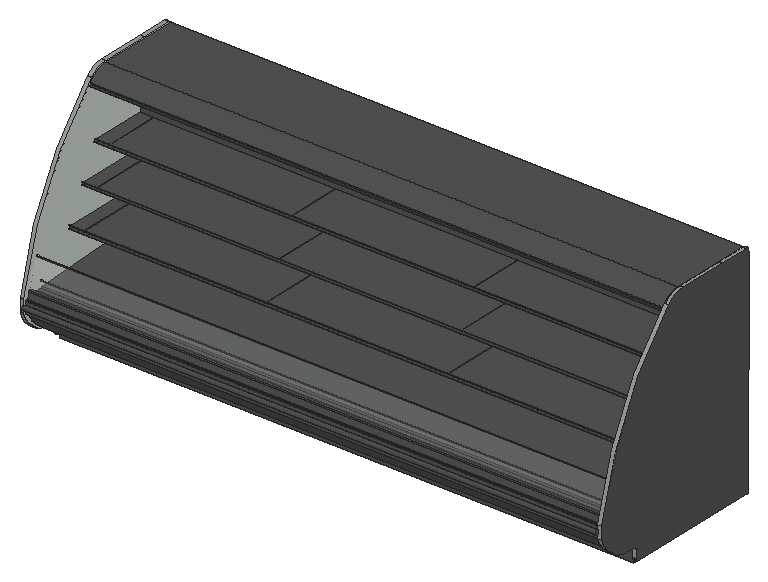
Revit family "E3_2014", category Specialty Equipment, Revit 2014
Parameters (values of type "12'-0" Length")
  Width = 144 3/8"
  Waste Drain Location = if(Width = 48 1/8", 23 7/8", if(Width = 72 1/8", 48 1/16", if(Width = 96 1/4", 71 7/8", if(Width = 144 3/8", 72 3/8", 0"))))  # 72 3/8"
  Waste Drain = 1 1/2"  # constant formula
  URL = "www.hussmann.com"
  Type Comments = "Elite"  # constant formula
  Trim = Stainless Steel
  Total Weight = Case Weight + (2 * End Weight)  # 1200.00 lbf
  Splashguard = Textured Sheet Metal (Steel Painted) - 701 Black
  Side Panel - Right [instance] = yes
  Side Panel - Left [instance] = yes
  Shelves = Sheet Metal (Steel Painted) - 701 Black
  Shelf Lights [instance] = yes
  Shelf [instance] = yes
  Revit Family Date = "05/26/2016"  # constant formula
  Refrigeration Lines Suction = 7/8"  # constant formula
  Refrigeration Lines Liquid = 3/8"  # constant formula
  Refrig. Suction = "Suction"
  Refrig. Liquid = "Liquid"
  Number of Supports = if(Width < 50", 2, if(Width < 100", 3, 4))  # 4
  Number of Shelves = 3  # constant formula
  Note from Manufacturer = "This model only comes in 4'-0\", 6'-0\", 8'-0\", and 12'-0\" lengths."
  Model URL = "http://www.hussmann.com/en/product%20viewer/display-cases/E2,%20E3"
  Model = "E3"  # constant formula
  Manufacturer Disclaimer = "The information in this file is not intended to be an exact representation of the corresponding Hussmann product.  Further, we reserve the right to change or revise specifications and product design in connection with any feature of our products. Such changes do not entitle the buyer to corresponding changes, improvements, additions, or replacements for equipment previously sold or shipped."  # constant formula
  Manufacturer = "Hussmann Corporation"  # constant formula
  Height = 56"  # constant formula
  Glazing = Glass
  Ends = Textured Sheet Metal (Steel Painted) - 701 Black
  End Weight = 100.00 lbf  # constant formula
  Description = "Self-Serve, Four-Level Display (3 Shelves plus Bottom Deck)"  # constant formula
  Depth = 46 1/2"  # constant formula
  Cutsheet URL = "http://www.hussmann.com/en/Technical%20Documents/0453527_D_E3.pdf"
  Case Weight = if(Width = 48 1/8", 400.00 lbf, if(Width = 72 1/8", 600.00 lbf, if(Width = 96 1/4", 800.00 lbf, if(Width = 144 3/8", 1000.00 lbf, 0.00 lbf))))  # 1000.00 lbf
  Case Interior - Side Panel = Mirror
  Case Interior - Back Panel = Sheet Metal (Steel Painted) - 701 Black
  Case = Textured Sheet Metal (Steel Painted) - 701 Black
  Bumper = Extruded PVC - 701 Black
  Assembly Code = ""
  Accessories/Options = ""
Types (4): name | Width | Waste Drain Location | Total Weight | Number of Supports | Case Weight
  12'-0" Length | 144 3/8" | 72 3/8" | 1200.00 lbf | 4 | 1000.00 lbf
  8'-0" Length | 96 1/4" | 71 7/8" | 1000.00 lbf | 3 | 800.00 lbf
  6'-0" Length | 72 1/8" | 48 1/16" | 800.00 lbf | 3 | 600.00 lbf
  4'-0" Length | 48 1/8" | 23 7/8" | 600.00 lbf | 2 | 400.00 lbf
Reference planes (in)
  plane 1 "Back": y = 0
  plane 2 "Bottom": z = 0
  plane 3 "Top": z = 56
  plane 4 "Left": x = -77.30699
  plane 5 "Front": y = -46.5
  plane 6 "Center (Left/Right)": x = -5.11949
  plane 7: x = -78.30699
  plane 8 "Right": x = 67.06801
  plane 9: x = 68.06801
  plane 10: z = 40
  plane 11: z = 32
  plane 12: z = 24
Forms (in)
  Extrusion 1, solid, material "Metal - Copper"
    sketch origin (57.40105, 5, -0.375) x (1, 0, 0) y (0, 1, 0)
      loop
        circle (0.85446, -35.75) r 0.41359
      loop
        circle (0.85446, -35.75) r 0.4375
    from 5.798 to 4.367
  Extrusion 2, solid, material "Metal - Copper"
    sketch origin (59.82608, 5, -0.375) x (1, 0, 0) y (0, 1, 0)
      loop
        circle (-0.94557, -35.75) r 0.17188
      loop
        circle (-0.94557, -35.75) r 0.1875
    from 5.798 to 4.367
  Extrusion 3, solid, material "Metal - Copper"
    sketch origin (-56.6875, 1.04319, 0) x (1, 0, 0) y (0, 1, 0)
      loop
        arc (51.75551, -27.91819) -> (51.22518, -28.13786) -> (51.00551, -28.66819) r 0.75
        arc (51.00551, -28.66819) -> (51.22518, -29.19852) -> (51.75551, -29.41819) r 0.75
        arc (51.75551, -29.41819) -> (52.28584, -29.19852) -> (52.50551, -28.66819) r 0.75
        arc (52.50551, -28.66819) -> (52.28584, -28.13786) -> (51.75551, -27.91819) r 0.75
      loop
        circle (51.75551, -28.66819) r 0.7102
    from 5.423 to 2.937
  Extrusion 4, solid, material "Extruded PVC - 701 Black" <- "Bumper"
    sketch origin (-5.11949, 0, 0) x (0, 1, 0) y (0, 0, 1)
      loop
        arc (-45.96459, 12.30251) -> (-46.51809, 11.74901) -> (-45.96459, 11.19551) r 0.5535
        line (-45.96459, 11.19551) -> (-45.67609, 11.19551) -> (-45.67609, 12.30251) -> (-45.96459, 12.30251)
    from 72.1875 to -72.1875
  Extrusion 5, solid, material "Textured Sheet Metal (Steel Painted) - 701 Black" <- "Case"
    sketch origin (-5.11949, 0, 0) x (0, 1, 0) y (0, 0, 1)
      loop
        line (-45.67609, 10.24862) -> (-44.73721, 10.24862)
        arc (-44.73721, 10.24862) -> (-41.75268, 5.96635) -> (-36.79912, 4.3209) r 8.279
        line (-36.79912, 4.3209) -> (-36.06134, 4.3209) -> (-36.06134, 4.38714) -> (-36.43529, 4.38714) -> (-36.43529, 4.854) -> (-33.93228, 4.854) -> (-33.93228, 5.326) -> (-33.43228, 5.326) -> (-33.43228, 5.423) -> (-10.24695, 5.423) -> (-3.25, 9.46027) -> (-3.25, 41.58442) -> (-0.097, 41.58442) -> (-0.097, 40.58442) -> (0, 40.58442) -> (0, 56.00039) -> (-20.40685, 56.00039)
        arc (-20.40685, 56.00039) -> (-23.13491, 55.26062) -> (-25.27562, 53.41482) r 6.37988
        arc (-25.27562, 53.41482) -> (-25.32115, 53.32972) -> (-25.34053, 53.23517) r 0.335
        arc (-25.34053, 53.23517) -> (-25.1523, 52.50019) -> (-24.57368, 52.00946) r 1.25
        arc (-24.57368, 52.00946) -> (-24.52137, 52.03098) -> (-24.54289, 52.0833) r 0.04
        arc (-24.54289, 52.0833) -> (-24.80232, 52.23301) -> (-25.01523, 52.44369) r 1.17
        line (-25.01523, 52.44369) -> (-23.88218, 54.40653) -> (-20.45439, 54.40653) -> (-20.45439, 53.55204) -> (-19.22382, 52.32147) -> (-18.95423, 52.59106) -> (-16.62259, 50.25926) -> (-15.73735, 51.14442) -> (-9.60228, 51.14442) -> (-9.60228, 11.262) -> (-38.9886, 11.262) -> (-38.9886, 12.43402) -> (-38.78944, 12.43402) -> (-38.78944, 13.23102) -> (-40.8656, 13.23102) -> (-40.8656, 13.99702) -> (-42.17486, 13.99702) -> (-42.17486, 14.06002) -> (-44.10112, 15.17215)
        arc (-44.10112, 15.17215) -> (-44.14857, 14.92781) -> (-44.1932, 14.68294) r 21.62056
        line (-44.1932, 14.68294) -> (-44.50959, 12.88862) -> (-44.97485, 12.97066) -> (-44.65846, 14.76498)
        arc (-44.65846, 14.76498) -> (-44.62227, 14.96484) -> (-44.58425, 15.16436) r 22.093
        line (-44.58425, 15.16436) -> (-44.64216, 15.17567)
        arc (-44.64216, 15.17567) -> (-44.68028, 14.97562) -> (-44.71657, 14.77522) r 22.152
        line (-44.71657, 14.77522) -> (-44.98681, 13.24262) -> (-45.58709, 13.24262)
        arc (-45.58709, 13.24262) -> (-45.65002, 13.21655) -> (-45.67609, 13.15362) r 0.089
        line (-45.67609, 13.15362) -> (-45.67609, 10.24862)
    from 72.1875 to -72.1875
  Extrusion 6, solid, material "Glass" <- "Glazing"
    sketch origin (-5.11949, 0, 0) x (0, 1, 0) y (0, 0, 1)
      loop
        line (-44.50959, 12.88862) -> (-44.1932, 14.68294)
        arc (-44.1932, 14.68294) -> (-43.27104, 18.17525) -> (-41.78034, 21.46531) r 21.62056
        arc (-41.78034, 21.46531) -> (-41.87149, 21.7867) -> (-42.19288, 21.69555) r 0.23622
        arc (-42.19288, 21.69555) -> (-43.71615, 18.3336) -> (-44.65846, 14.76498) r 22.093
        line (-44.65846, 14.76498) -> (-44.97485, 12.97066) -> (-44.50959, 12.88862)
      loop
        line (-40.8656, 13.23102) -> (-40.6156, 13.23102) -> (-40.6156, 15.60602)
        arc (-40.6156, 15.60602) -> (-40.7406, 15.73102) -> (-40.8656, 15.60602) r 0.125
        line (-40.8656, 15.60602) -> (-40.8656, 13.23102)
    from 72.1875 to -72.1875
  Extrusion 7, solid, material "Sheet Metal (Steel Painted) - 701 Black" <- "Shelves"
    sketch origin (-5.11949, 0, 0) x (0, 1, 0) y (0, 0, 1)
      loop
        line (-40.5277, 14.22713) -> (-40.48501, 13.41115) -> (-9.62922, 15.0257) -> (-9.67192, 15.84168) -> (-40.5277, 14.22713)
    from 72.1875 to -72.1875
  Extrusion 8, solid, material "Textured Sheet Metal (Steel Painted) - 701 Black" <- "Splashguard"
    sketch origin (-5.11949, 0, 0) x (0, 1, 0) y (0, 0, 1)
      loop
        line (-34.07685, 0) -> (-34.07685, 4.28551) -> (-34.28029, 4.28551) -> (-34.28029, 4.854) -> (-34.93629, 4.854) -> (-34.93629, 4.783) -> (-34.35129, 4.783) -> (-34.35129, 4.28551) -> (-34.62571, 4.28551) -> (-34.62571, 0) -> (-34.07685, 0)
      loop
        line (-28.40228, 1.984) -> (-28.94928, 1.984) -> (-28.94928, 0.547) -> (-33.80428, 0.547) -> (-33.80428, 0) -> (-28.40228, 0) -> (-28.40228, 1.984)
    from 72.1875 to -72.1875
  Extrusion 9, solid, material "Stainless Steel"
    sketch origin (-5.11949, 0, 0) x (0, 1, 0) y (0, 0, 1)
      loop
        line (-26.08128, 0.071) -> (-28.33128, 0.071) -> (-28.33128, 2.173) -> (-29.27728, 2.173) -> (-29.27728, 2.102) -> (-28.40228, 2.102) -> (-28.40228, 0) -> (-26.01028, 0) -> (-26.01028, 2.102) -> (-25.13528, 2.102) -> (-25.13528, 2.173) -> (-26.08128, 2.173) -> (-26.08128, 0.071)
      loop
        line (-4.43928, 0.071) -> (-6.68928, 0.071) -> (-6.68928, 2.173) -> (-7.63528, 2.173) -> (-7.63528, 2.102) -> (-6.76028, 2.102) -> (-6.76028, 0) -> (-4.36828, 0) -> (-4.36828, 2.102) -> (-3.49328, 2.102) -> (-3.49328, 2.173) -> (-4.43928, 2.173) -> (-4.43928, 0.071)
    from 72.1875 to -72.1875
  Extrusion 10, solid, material "Textured Sheet Metal (Steel Painted) - 701 Black" <- "Ends", visible <- "Side Panel - Left"
    sketch origin (-77.30699, 0, 0) x (0, 1, 0) y (0, 0, 1)
      loop
        line (-34.5212, 0.75142) -> (-0.31111, 0.75142)
        arc (-0.31111, 0.75142) -> (0.04244, 0.89787) -> (0.18889, 1.25142) r 0.5
        line (0.18889, 1.25142) -> (0.18889, 1.75142) -> (0.18889, 55.1195) -> (0.18889, 55.61942)
        arc (0.18889, 55.61942) -> (0.04244, 55.97298) -> (-0.31111, 56.11942) r 0.5
        line (-0.31111, 56.11942) -> (-7.81111, 56.11942) -> (-20.12311, 56.11942)
        arc (-20.12311, 56.11942) -> (-22.61264, 55.62378) -> (-24.72249, 54.21242) r 6.5
        arc (-24.72249, 54.21242) -> (-38.42747, 35.48674) -> (-45.84311, 13.49842) r 76
        line (-45.84311, 13.49842) -> (-45.84311, 10.37238)
        arc (-45.84311, 10.37238) -> (-42.57891, 5.83718) -> (-37.26721, 4.10257) r 9
        line (-37.26721, 4.10257) -> (-35.5212, 4.10257)
        arc (-35.5212, 4.10257) -> (-35.16765, 3.95612) -> (-35.0212, 3.60257) r 0.5
        line (-35.0212, 3.60257) -> (-35.0212, 1.25142)
        arc (-35.0212, 1.25142) -> (-34.87475, 0.89787) -> (-34.5212, 0.75142) r 0.5
    from 0 to -1
  Extrusion 11, solid, material "Textured Sheet Metal (Steel Painted) - 701 Black" <- "Ends", visible <- "Side Panel - Right"
    sketch origin (67.06801, 0, 0) x (0, 0, 1) y (0, -1, 0)
      loop
        line (0.75142, 34.5212) -> (0.75142, 0.31111)
        arc (0.75142, 0.31111) -> (0.89787, -0.04244) -> (1.25142, -0.18889) r 0.5
        line (1.25142, -0.18889) -> (1.75142, -0.18889) -> (55.1195, -0.18889) -> (55.61942, -0.18889)
        arc (55.61942, -0.18889) -> (55.97298, -0.04244) -> (56.11942, 0.31111) r 0.5
        line (56.11942, 0.31111) -> (56.11942, 7.81111) -> (56.11942, 20.12311)
        arc (56.11942, 20.12311) -> (55.62378, 22.61264) -> (54.21242, 24.72249) r 6.5
        arc (54.21242, 24.72249) -> (35.48674, 38.42747) -> (13.49842, 45.84311) r 76
        line (13.49842, 45.84311) -> (10.37238, 45.84311)
        arc (10.37238, 45.84311) -> (5.83718, 42.57891) -> (4.10257, 37.26721) r 9
        line (4.10257, 37.26721) -> (4.10257, 35.5212)
        arc (4.10257, 35.5212) -> (3.95612, 35.16765) -> (3.60257, 35.0212) r 0.5
        line (3.60257, 35.0212) -> (1.25142, 35.0212)
        arc (1.25142, 35.0212) -> (0.89787, 34.87475) -> (0.75142, 34.5212) r 0.5
    from 1 to 0
  Extrusion 12, solid, material "Sheet Metal (Steel Painted) - 701 Black" <- "Shelves", visible <- "Shelf"
    sketch origin (-77.30699, 0, 0) x (0, 1, 0) y (0, 0, 1)
      loop
        line (-23.83741, 39.38588) -> (-23.63861, 39.58468) -> (-23.67113, 39.58468) -> (-23.85367, 39.40214)
        arc (-23.85367, 39.40214) -> (-23.87002, 39.39889) -> (-23.87928, 39.41275) r 0.015
        line (-23.87928, 39.41275) -> (-23.87928, 40.058)
        arc (-23.87928, 40.058) -> (-23.81666, 40.13197) -> (-23.73337, 40.08242) r 0.075
        line (-23.73337, 40.08242) -> (-23.70589, 40.00263)
        arc (-23.70589, 40.00263) -> (-23.69203, 39.98406) -> (-23.66997, 39.977) r 0.038
        line (-23.66997, 39.977) -> (-9.83349, 39.977) -> (-9.85649, 40) -> (-23.68067, 40) -> (-23.71162, 40.0899)
        arc (-23.71162, 40.0899) -> (-23.82046, 40.15465) -> (-23.90228, 40.058) r 0.098
        line (-23.90228, 40.058) -> (-23.90228, 39.41275)
        arc (-23.90228, 39.41275) -> (-23.87882, 39.37764) -> (-23.83741, 39.38588) r 0.038
      loop
        line (-31.83741, 23.38588) -> (-31.63861, 23.58468) -> (-31.67113, 23.58468) -> (-31.85367, 23.40214)
        arc (-31.85367, 23.40214) -> (-31.87002, 23.39889) -> (-31.87928, 23.41275) r 0.015
        line (-31.87928, 23.41275) -> (-31.87928, 24.058)
        arc (-31.87928, 24.058) -> (-31.81666, 24.13197) -> (-31.73337, 24.08242) r 0.075
        line (-31.73337, 24.08242) -> (-31.70589, 24.00263)
        arc (-31.70589, 24.00263) -> (-31.69203, 23.98406) -> (-31.66997, 23.977) r 0.038
        line (-31.66997, 23.977) -> (-9.83349, 23.977) -> (-9.85649, 24) -> (-31.68067, 24) -> (-31.71162, 24.0899)
        arc (-31.71162, 24.0899) -> (-31.82046, 24.15465) -> (-31.90228, 24.058) r 0.098
        line (-31.90228, 24.058) -> (-31.90228, 23.41275)
        arc (-31.90228, 23.41275) -> (-31.87882, 23.37764) -> (-31.83741, 23.38588) r 0.038
      loop
        line (-27.83741, 31.38588) -> (-27.63861, 31.58468) -> (-27.67113, 31.58468) -> (-27.85367, 31.40214)
        arc (-27.85367, 31.40214) -> (-27.87002, 31.39889) -> (-27.87928, 31.41275) r 0.015
        line (-27.87928, 31.41275) -> (-27.87928, 32.058)
        arc (-27.87928, 32.058) -> (-27.81666, 32.13197) -> (-27.73337, 32.08242) r 0.075
        line (-27.73337, 32.08242) -> (-27.70589, 32.00263)
        arc (-27.70589, 32.00263) -> (-27.69203, 31.98406) -> (-27.66997, 31.977) r 0.038
        line (-27.66997, 31.977) -> (-9.83349, 31.977) -> (-9.85649, 32) -> (-27.68067, 32) -> (-27.71162, 32.0899)
        arc (-27.71162, 32.0899) -> (-27.82046, 32.15465) -> (-27.90228, 32.058) r 0.098
        line (-27.90228, 32.058) -> (-27.90228, 31.41275)
        arc (-27.90228, 31.41275) -> (-27.87882, 31.37764) -> (-27.83741, 31.38588) r 0.038
    from 0 to 144.375
Lines and regions (in)
  reference lines
    curve 1: line (-73.80699, -46.5, 0) -> (-73.80699, 0, 0)
    curve 2: line (-4.93199, -46.5, 0) -> (-4.93199, 0, 0)
    curve 3: line (63.56801, -46.5, 0) -> (63.56801, 0, 0)
    curve 4: line (58.69301, -46.5, 0) -> (58.69301, 0, 0)
    curve 5: line (-77.30699, -27.625, 0) -> (67.06801, -27.625, 0)
    curve 6: line (67.06801, -30.75, 0) -> (-77.30699, -30.75, 0)
Dimensions and locks (in)
  equal spacing: plane 4 "Left", plane 6 "Center (Left/Right)", plane 8 "Right"
  locked: plane 7 to plane 4 "Left" at 1
  "Width": plane 4 "Left" to plane 8 "Right"
  locked: plane 4 "Left" to curve 1 at 3.5
  "Waste Drain Location": plane 4 "Left" to curve 2
  locked: curve 3 to plane 8 "Right" at 3.5
  "Depth": plane 5 "Front" to plane 1 "Back"
  locked: curve 4 to plane 8 "Right" at 8.375
  "Height": plane 3 "Top" to level
  locked: plane 1 "Back" to curve 5 at 27.625
  locked: plane 1 "Back" to curve 6 at 30.75
  locked: plane 8 "Right" to plane 9 at 1
  locked: Extrusion 3 sketch curve to Extrusion 3 sketch curve at 0.0398
  locked: Extrusion 2 sketch curve to Extrusion 2 sketch curve at 0.01562
  locked: Extrusion 1 sketch curve to Extrusion 1 sketch curve at 0.02391
  equal spacing: group 1, group 3, group 4, group 2  (x3)
  locked: plane 12 to level at 24
  locked: plane 11 to level at 32
  locked: plane 10 to level at 40
  "Waste Drain": diameter of Extrusion 3 sketch curve
  "Refrigeration Lines Liquid": diameter of Extrusion 2 sketch curve
  "Refrigeration Lines Suction": diameter of Extrusion 1 sketch curve
  aligned and locked: plane 5 "Front" to curve 3
  aligned and locked: plane 5 "Front" to curve 2
  aligned and locked: plane 5 "Front" to curve 1
  aligned and locked: plane 4 "Left" to curve 5
  aligned and locked: plane 4 "Left" to curve 6
  aligned and locked: plane 8 "Right" to curve 6
  aligned and locked: plane 8 "Right" to curve 5
  aligned and locked: curve 6 to Extrusion 2 sketch curve  (x4)
  aligned and locked: curve 6 to Extrusion 1 sketch curve  (x4)
  aligned and locked: curve 5 to Extrusion 3 sketch curve
  aligned and locked: curve 2 to Extrusion 3 sketch curve
  aligned and locked: curve 4 to Extrusion 2 sketch curve
  aligned and locked: curve 4 to Extrusion 1 sketch curve
  aligned and locked: Extrusion 4 to plane 4 "Left"
  aligned and locked: plane 8 "Right" to Extrusion 4
  aligned and locked: Extrusion 5 to plane 4 "Left"
  aligned and locked: plane 8 "Right" to Extrusion 5
  aligned and locked: Extrusion 6 to plane 4 "Left"
  aligned and locked: plane 8 "Right" to Extrusion 6
  aligned and locked: Extrusion 7 to plane 4 "Left"
  aligned and locked: plane 8 "Right" to Extrusion 7
  aligned and locked: Extrusion 8 to plane 4 "Left"
  aligned and locked: plane 8 "Right" to Extrusion 8
  aligned and locked: Extrusion 9 to plane 4 "Left"
  aligned and locked: plane 8 "Right" to Extrusion 9
  aligned and locked: Extrusion 5 to nested 1
  aligned and locked: Extrusion 5 to nested 2
  aligned and locked: plane 4 "Left" to nested 1
  aligned and locked: plane 4 "Left" to nested 2
  aligned and locked: plane 7 to Extrusion 10
  aligned and locked: plane 4 "Left" to Extrusion 10
  aligned and locked: plane 9 to Extrusion 11
  aligned and locked: Extrusion 11 to plane 8 "Right"
  aligned and locked: curve 1 to nested 7
  aligned and locked: curve 1 to nested 4
  aligned and locked: curve 1 to nested 3
  aligned and locked: curve 3 to nested 8
  aligned and locked: Extrusion 12 to plane 4 "Left"
  aligned and locked: plane 8 "Right" to Extrusion 12
  aligned and locked: plane 4 "Left" to nested 11
  aligned and locked: plane 4 "Left" to nested 12
  aligned and locked: plane 4 "Left" to nested 13
Automatic sketch dimensions
  plane 5 "Front" to Extrusion 4 sketch curve = 0.53541"
  level to Extrusion 4 sketch curve = 11.19551"
  Extrusion 4 sketch curve to Extrusion 4 sketch curve = 0.5535"
  Extrusion 4 sketch curve to Extrusion 4 sketch curve = 0.2885"
  plane 5 "Front" to Extrusion 5 sketch curve = 0.82391"
  Extrusion 5 sketch curve to Extrusion 5 sketch curve = 0.93888"
  Extrusion 5 sketch curve to Extrusion 5 sketch curve = 2.35128"
  Extrusion 5 sketch curve to Extrusion 5 sketch curve = 0.73778"
  Extrusion 5 sketch curve to Extrusion 5 sketch curve = 0.06624"
  Extrusion 5 sketch curve to Extrusion 5 sketch curve = 0.36383"
  Extrusion 5 sketch curve to Extrusion 5 sketch curve = 0.46685"
  Extrusion 5 sketch curve to Extrusion 5 sketch curve = 2.12906"
  Extrusion 5 sketch curve to Extrusion 5 sketch curve = 0.472"
  Extrusion 5 sketch curve to Extrusion 5 sketch curve = 1/2"
  plane 1 "Back" to Extrusion 5 sketch curve = 3 1/4"
  level to Extrusion 5 sketch curve = 9.46027"
  level to Extrusion 5 sketch curve = 5.423"
  plane 1 "Back" to Extrusion 5 sketch curve = 0.097"
  Extrusion 5 sketch curve to plane 3 "Top" = 0.00039"
  Extrusion 5 sketch curve to Extrusion 5 sketch curve = 17.15685"
  Extrusion 5 sketch curve to Extrusion 5 sketch curve = 0.26423"
  plane 3 "Top" to Extrusion 5 sketch curve = 6.37401"
  plane 3 "Top" to Extrusion 5 sketch curve = 2.58518"
  Extrusion 5 sketch curve to Extrusion 5 sketch curve = 69/256"
  Extrusion 5 sketch curve to Extrusion 5 sketch curve = 0.91348"
  Extrusion 5 sketch curve to Extrusion 5 sketch curve = 0.0527"
  Extrusion 5 sketch curve to Extrusion 5 sketch curve = 0.06492"
  Extrusion 5 sketch curve to Extrusion 5 sketch curve = 0"  (x8)
  Extrusion 5 sketch curve to Extrusion 5 sketch curve = 0.48107"
  Extrusion 5 sketch curve to Extrusion 5 sketch curve = 0.01539"  (x2)
  Extrusion 5 sketch curve to Extrusion 5 sketch curve = 0.47234"
  plane 3 "Top" to Extrusion 5 sketch curve = 1.59347"
  Extrusion 5 sketch curve to Extrusion 5 sketch curve = 0.21043"
  Extrusion 5 sketch curve to Extrusion 5 sketch curve = 0.04754"
  Extrusion 5 sketch curve to Extrusion 5 sketch curve = 0.8545"
  plane 3 "Top" to Extrusion 5 sketch curve = 3.67853"
  Extrusion 5 sketch curve to Extrusion 5 sketch curve = 1.23057"
  plane 3 "Top" to Extrusion 5 sketch curve = 3.40894"
  plane 3 "Top" to Extrusion 5 sketch curve = 5.74074"
  plane 3 "Top" to Extrusion 5 sketch curve = 4.85558"
  Extrusion 5 sketch curve to Extrusion 5 sketch curve = 6.13507"
  Extrusion 5 sketch curve to Extrusion 5 sketch curve = 5.839"
  Extrusion 5 sketch curve to Extrusion 5 sketch curve = 5.74861"
  Extrusion 5 sketch curve to Extrusion 5 sketch curve = 2.18948"
  Extrusion 5 sketch curve to Extrusion 5 sketch curve = 0.16588"
  Extrusion 5 sketch curve to Extrusion 5 sketch curve = 0.19916"
  Extrusion 5 sketch curve to Extrusion 5 sketch curve = 1.17202"
  Extrusion 5 sketch curve to Extrusion 5 sketch curve = 0.797"
  Extrusion 5 sketch curve to Extrusion 5 sketch curve = 1.877"
  Extrusion 5 sketch curve to Extrusion 5 sketch curve = 0.063"
  Extrusion 5 sketch curve to Extrusion 5 sketch curve = 3.23552"
  Extrusion 5 sketch curve to Extrusion 5 sketch curve = 1.94112"
  Extrusion 5 sketch curve to Extrusion 5 sketch curve = 12.65415"
  Extrusion 5 sketch curve to Extrusion 5 sketch curve = 5.50557"
  Extrusion 5 sketch curve to Extrusion 5 sketch curve = 0.09208"
  Extrusion 5 sketch curve to Extrusion 5 sketch curve = 3.64399"
  Extrusion 5 sketch curve to Extrusion 5 sketch curve = 0.34241"
  Extrusion 5 sketch curve to Extrusion 5 sketch curve = 0.46526"  (x2)
  Extrusion 5 sketch curve to Extrusion 5 sketch curve = 0.01631"
  Extrusion 5 sketch curve to Extrusion 5 sketch curve = 0.41069"
  Extrusion 5 sketch curve to Extrusion 5 sketch curve = 0.0581"
  Extrusion 5 sketch curve to Extrusion 5 sketch curve = 0.05791"
  Extrusion 5 sketch curve to Extrusion 5 sketch curve = 0.01196"
  Extrusion 5 sketch curve to Extrusion 5 sketch curve = 0.27196"
  Extrusion 5 sketch curve to Extrusion 5 sketch curve = 0.089"
  Extrusion 5 sketch curve to Extrusion 5 sketch curve = 1.30926"
  Extrusion 5 sketch curve to Extrusion 5 sketch curve = 0.766"
  Extrusion 5 sketch curve to Extrusion 5 sketch curve = 2.33164"
  Extrusion 5 sketch curve to Extrusion 5 sketch curve = 21/256"
  Extrusion 6 sketch curve to Extrusion 6 sketch curve = 0"  (x3)
  plane 5 "Front" to Extrusion 6 sketch curve = 1.52515"
  Extrusion 6 sketch curve to Extrusion 6 sketch curve = 81/256"
  Extrusion 6 sketch curve to Extrusion 6 sketch curve = 0.46526"  (x2)
  plane 5 "Front" to Extrusion 6 sketch curve = 4.51339"
  Extrusion 6 sketch curve to Extrusion 6 sketch curve = 3.3276"
  Extrusion 6 sketch curve to Extrusion 6 sketch curve = 1/8"
  level to Extrusion 6 sketch curve = 10.92857"
  Extrusion 6 sketch curve to Extrusion 6 sketch curve = 17.71449"
  level to Extrusion 6 sketch curve = 12.88862"
  Extrusion 6 sketch curve to Extrusion 6 sketch curve = 21/256"
  Extrusion 6 sketch curve to Extrusion 6 sketch curve = 0.92309"
  Extrusion 6 sketch curve to Extrusion 6 sketch curve = 5.97441"
  Extrusion 6 sketch curve to Extrusion 6 sketch curve = 2 3/8"
  plane 5 "Front" to Extrusion 7 sketch curve = 5.9723"
  Extrusion 7 sketch curve to Extrusion 7 sketch curve = 0.0427"
  plane 1 "Back" to Extrusion 7 sketch curve = 9.67192"
  level to Extrusion 7 sketch curve = 13.41115"
  Extrusion 7 sketch curve to Extrusion 7 sketch curve = 0.81598"
  Extrusion 8 sketch curve to level = 0"  (x2)
  level to Extrusion 8 sketch curve = 4.783"
  plane 5 "Front" to Extrusion 8 sketch curve = 11.56371"
  Extrusion 8 sketch curve to Extrusion 8 sketch curve = 0.31058"
  Extrusion 8 sketch curve to Extrusion 8 sketch curve = 0.27442"
  Extrusion 8 sketch curve to Extrusion 8 sketch curve = 0.071"  (x2)
  Extrusion 8 sketch curve to Extrusion 8 sketch curve = 0.54886"
  Extrusion 8 sketch curve to Extrusion 8 sketch curve = 0.27257"
  level to Extrusion 8 sketch curve = 1.984"
  Extrusion 8 sketch curve to Extrusion 8 sketch curve = 4.855"
  Extrusion 8 sketch curve to Extrusion 8 sketch curve = 0.547"  (x2)
  Extrusion 8 sketch curve to Extrusion 8 sketch curve = 0.49749"
  Extrusion 8 sketch curve to Extrusion 8 sketch curve = 0"
  Extrusion 9 sketch curve to level = 0"  (x2)
  level to Extrusion 9 sketch curve = 2.173"
  plane 5 "Front" to Extrusion 9 sketch curve = 17.22272"
  Extrusion 9 sketch curve to Extrusion 9 sketch curve = 7/8"  (x4)
  Extrusion 9 sketch curve to Extrusion 9 sketch curve = 0.071"  (x8)
  Extrusion 9 sketch curve to Extrusion 9 sketch curve = 2 1/4"  (x2)
  level to Extrusion 9 sketch curve = 2.102"  (x2)
  plane 1 "Back" to Extrusion 9 sketch curve = 7.63528"
  level to Extrusion 9 sketch curve = 0.071"  (x2)
  Extrusion 9 sketch curve to Extrusion 9 sketch curve = 2.031"
  plane 5 "Front" to Extrusion 10 sketch curve = 0.65689"
  level to Extrusion 10 sketch curve = 4.10257"
  plane 5 "Front" to Extrusion 10 sketch curve = 9.23279"
  Extrusion 10 sketch curve to Extrusion 10 sketch curve = 1.74601"
  Extrusion 10 sketch curve to Extrusion 10 sketch curve = 1/2"  (x3)
  plane 3 "Top" to Extrusion 10 sketch curve = 6.38058"
  plane 1 "Back" to Extrusion 10 sketch curve = 20.12311"
  Extrusion 10 sketch curve to plane 3 "Top" = 0.11942"
  plane 1 "Back" to Extrusion 10 sketch curve = 7.81111"
  plane 1 "Back" to Extrusion 10 sketch curve = 0.31111"  (x2)
  Extrusion 10 sketch curve to plane 1 "Back" = 0.18889"
  level to Extrusion 10 sketch curve = 0.49003"
  Extrusion 10 sketch curve to Extrusion 10 sketch curve = 28.84645"
  level to Extrusion 10 sketch curve = 1.25142"
  level to Extrusion 10 sketch curve = 10.37238"
  Extrusion 10 sketch curve to Extrusion 10 sketch curve = 3.12604"
  Extrusion 10 sketch curve to Extrusion 10 sketch curve = 0.49992"
  level to Extrusion 11 sketch curve = 0.49003"
  plane 1 "Back" to Extrusion 11 sketch curve = 0.31111"
  level to Extrusion 11 sketch curve = 0.75142"
  Extrusion 11 sketch curve to Extrusion 11 sketch curve = 1/2"  (x4)
  Extrusion 11 sketch curve to Extrusion 11 sketch curve = 2.35114"
  plane 5 "Front" to Extrusion 11 sketch curve = 0.65689"
  level to Extrusion 11 sketch curve = 10.37238"
  Extrusion 11 sketch curve to Extrusion 11 sketch curve = 2.73019"
  Extrusion 11 sketch curve to Extrusion 11 sketch curve = 3.12604"
  plane 3 "Top" to Extrusion 11 sketch curve = 6.38058"
  plane 3 "Top" to Extrusion 11 sketch curve = 0.8805"
  plane 3 "Top" to Extrusion 11 sketch curve = 0.38058"
  Extrusion 11 sketch curve to plane 3 "Top" = 0.11942"
  Extrusion 11 sketch curve to Extrusion 11 sketch curve = 28.84645"
  Extrusion 11 sketch curve to Extrusion 11 sketch curve = 7 1/2"
  Extrusion 11 sketch curve to Extrusion 11 sketch curve = 12.312"
  Extrusion 11 sketch curve to Extrusion 11 sketch curve = 2.74601"
  Extrusion 12 sketch curve to Extrusion 12 sketch curve = 0"  (x14)
  plane 11 to Extrusion 12 sketch curve = 0"
  plane 12 to Extrusion 12 sketch curve = 0"
  plane 10 to Extrusion 12 sketch curve = 0"
  plane 11 to Extrusion 12 sketch curve = 0.58725"
  plane 5 "Front" to Extrusion 12 sketch curve = 18.59772"
  plane 12 to Extrusion 12 sketch curve = 0.58725"
  Extrusion 12 sketch curve to Extrusion 12 sketch curve = 4"
  Extrusion 12 sketch curve to Extrusion 12 sketch curve = 0.023"  (x6)
  Extrusion 12 sketch curve to Extrusion 12 sketch curve = 0.015"  (x3)
  plane 11 to Extrusion 12 sketch curve = 0.59786"
  plane 12 to Extrusion 12 sketch curve = 0.59786"
  plane 11 to Extrusion 12 sketch curve = 0.61412"
  plane 12 to Extrusion 12 sketch curve = 0.61412"
  Extrusion 12 sketch curve to plane 11 = 0.058"
  Extrusion 12 sketch curve to Extrusion 12 sketch curve = 0.075"  (x3)
  Extrusion 12 sketch curve to plane 12 = 0.058"
  Extrusion 12 sketch curve to plane 12 = 0.08242"
  Extrusion 12 sketch curve to plane 11 = 0.08242"
  Extrusion 12 sketch curve to plane 12 = 0.0899"
  Extrusion 12 sketch curve to plane 11 = 0.0899"
  Extrusion 12 sketch curve to plane 12 = 0.00263"
  Extrusion 12 sketch curve to Extrusion 12 sketch curve = 0.02747"  (x3)
  Extrusion 12 sketch curve to plane 11 = 0.00263"
  Extrusion 12 sketch curve to Extrusion 12 sketch curve = 0.02523"  (x3)
  plane 11 to Extrusion 12 sketch curve = 0.41532"
  Extrusion 12 sketch curve to Extrusion 12 sketch curve = 0.18254"  (x4)
  Extrusion 12 sketch curve to Extrusion 12 sketch curve = 0.0107"  (x3)
  Extrusion 12 sketch curve to Extrusion 12 sketch curve = 0.03253"  (x3)
  plane 10 to Extrusion 12 sketch curve = 0.58725"
  Extrusion 12 sketch curve to Extrusion 12 sketch curve = 3.80934"
  plane 10 to Extrusion 12 sketch curve = 0.59786"
  plane 10 to Extrusion 12 sketch curve = 0.61412"
  Extrusion 12 sketch curve to plane 10 = 0.058"
  Extrusion 12 sketch curve to plane 10 = 0.08242"
  Extrusion 12 sketch curve to plane 10 = 0.0899"
  Extrusion 12 sketch curve to plane 10 = 0.00263"
  plane 10 to Extrusion 12 sketch curve = 0.41532"
  plane 1 "Back" to Extrusion 12 sketch curve = 9.85649"
  plane 10 to Extrusion 12 sketch curve = 0.023"
  plane 11 to Extrusion 12 sketch curve = 0.023"
  plane 12 to Extrusion 12 sketch curve = 0.023"
  Extrusion 5 sketch curve to plane 10 = 0.58442"
  Extrusion 5 sketch curve to plane 1 "Back" = 0"
  Extrusion 5 sketch curve to Extrusion 5 sketch curve = 1"
  Extrusion 1 sketch curve to Extrusion 1 sketch curve = 0"
  Extrusion 2 sketch curve to Extrusion 2 sketch curve = 0"
  curve 4 to plane 5 "Front" = 0"
  plane 1 "Back" to curve 4 = 0"
  plane 1 "Back" to curve 1 = 0"
  plane 1 "Back" to curve 3 = 0"
  plane 1 "Back" to curve 2 = 0"
  Extrusion 3 sketch curve to Extrusion 3 sketch curve = 0"  (x3)
Nested families (in)
  nested 1: "Light" at (-5.30699, -14.68675, 1.90653), type "Light"
    with Length 144 3/8"
  nested 2: "Light" at (-5.30699, -12.68675, 1.90653), type "Light"
    with Length 144 3/8"
  nested 3: "Shelf - E Series" at (-73.93199, -9.60228, 19.08109), visible <- "Shelf", type "22""
    with Depth 22"
  nested 4: "Shelf - E Series" at (-73.93199, -9.60228, 35.08109), visible <- "Shelf", type "14""
    with Depth 14"
  nested 5: "Shelf - E Series" at (63.44301, -9.60228, 19.08109), visible <- "Shelf", type "22""
    with Depth 22"
  nested 6: "Shelf - E Series" at (63.44301, -9.60228, 35.08109), visible <- "Shelf", type "14""
    with Depth 14"
  nested 7: "Cross Member - E Series" at (-72.3125, 0.34772, 0), type "Cross Member - E Series"
  nested 8: "Cross Member - E Series" at (65.0625, 0.34772, 0), type "Cross Member - E Series"
  nested 9: "Shelf - E Series" at (63.44301, -9.60228, 27.08109), visible <- "Shelf", type "18""
    with Depth 18"
  nested 10: "Shelf - E Series" at (-73.93199, -9.60228, 27.08109), visible <- "Shelf", type "18""
    with Depth 18"
  nested 11: "Light" at (-5.30699, -13.97829, -13.0215), visible <- "Shelf Lights", type "Light"
    with Length 144 3/8"
  nested 12: "Light" at (-5.30699, -17.97829, -21.0215), visible <- "Shelf Lights", type "Light"
    with Length 144 3/8"
  nested 13: "Light" at (-5.30699, -21.97829, -29.0215), visible <- "Shelf Lights", type "Light"
    with Length 144 3/8"
  nested 14: "Shelf - E Series" at (-28.14032, -9.60228, 19.08109), visible <- "Shelf", type "22""
    with Depth 22"
  nested 15: "Shelf - E Series" at (-28.14032, -9.60228, 35.08109), visible <- "Shelf", type "14""
    with Depth 14"
  nested 16: "Cross Member - E Series" at (-26.52083, 0.34772, 0), type "Cross Member - E Series"
  nested 17: "Shelf - E Series" at (-28.14032, -9.60228, 27.08109), visible <- "Shelf", type "18""
    with Depth 18"
  nested 18: "Shelf - E Series" at (17.65135, -9.60228, 19.08109), visible <- "Shelf", type "22""
    with Depth 22"
  nested 19: "Shelf - E Series" at (17.65135, -9.60228, 35.08109), visible <- "Shelf", type "14""
    with Depth 14"
  nested 20: "Cross Member - E Series" at (19.27083, 0.34772, 0), type "Cross Member - E Series"
  nested 21: "Shelf - E Series" at (17.65135, -9.60228, 27.08109), visible <- "Shelf", type "18""
    with Depth 18"
Connectors (in)
  piping at (58.25551, -30.75, 3.992), diameter 0.875, driven by "Refrig. Suction", driven by "Refrigeration Lines Suction"
    settings: on Extrusion 1, index 9, connector inside diameter 7/8", connector length 0", flow factor 0, pipe flow 0 GPM, pressure drop 0.00 psi, fitting loss kfactor 0, connector angle 0.00°, fixture units 0, engagement length 0", angle of deflection 0.00°, flow configuration 0, flow direction 2, fitting loss method 0, system type 22, joint type 0, gender type 0, connector reference index -1, connector utility 0, adjustable connector no, is connector primary yes, connector description "Suction"
  piping at (58.88051, -30.75, 3.992), diameter 0.375, driven by "Refrig. Liquid", driven by "Refrigeration Lines Liquid"
    settings: on Extrusion 2, index 10, connector inside diameter 3/8", connector length 0", flow factor 0, pipe flow 0 GPM, pressure drop 0.00 psi, fitting loss kfactor 0, connector angle 0.00°, fixture units 0, engagement length 0", angle of deflection 0.00°, flow configuration 0, flow direction 1, fitting loss method 0, system type 22, joint type 0, gender type 0, connector reference index -1, connector utility 0, adjustable connector no, is connector primary no, connector description "Liquid"
  piping at (-4.93199, -27.625, 2.937), diameter 1.5, driven by "Waste Drain"
    settings: on Extrusion 3, index 11, connector inside diameter 1 1/4", connector length 0", flow factor 0, pipe flow 0 GPM, pressure drop 0.00 psi, fitting loss kfactor 0, connector angle 0.00°, fixture units 0, engagement length 0", angle of deflection 0.00°, flow configuration 0, flow direction 0, fitting loss method 0, system type 16, joint type 0, gender type 0, connector reference index -1, connector utility 0, adjustable connector no, is connector primary no, connector description ""
Definition of nested family "Shelf - E Series"
  Parameters (values of type "18"")
    Width = 1/4"
    Shelf Bracket = Sheet Metal (Steel Painted) - 701 Black
    Height = 4.89591"
    Depth = 12"
  Types (2): name
    18"
    12"
  Reference planes (in)
    plane 1 "Back": y = 0
    plane 2: z = 0
    plane 3 "Left": x = 0
    plane 4 "Front": y = -12
    plane 5 "Right": x = 0.25
    plane 6: z = 4.89591
    plane 7 "Center (Left/Right)": x = 0.125
  Forms (in)
    Extrusion 1, solid, material "Sheet Metal (Steel Painted) - 701 Black" <- "Shelf Bracket"
      sketch origin (0, 0, 0) x (0, 1, 0) y (0, 0, 1)
        loop
          line (0.07326, 0.26836) -> (0.18143, 0.26875)
          arc (0.18143, 0.26875) -> (0.3025, 0.36199) -> (0.24317, 0.50282) r 0.12517
          line (0.24317, 0.50282) -> (-0.04494, 0.66605)
          arc (-0.04494, 0.66605) -> (-0.07187, 0.69679) -> (-0.07382, 0.7376) r 0.062
          line (-0.07382, 0.7376) -> (0.10406, 1.33811) -> (0.09305, 2.59922) -> (0.01772, 3.20416)
          arc (0.01772, 3.20416) -> (0.03288, 3.25348) -> (0.07981, 3.27494) r 0.063
          line (0.07981, 3.27494) -> (0.15806, 3.27547) -> (0.15929, 3.09434) -> (0.56271, 3.06679) -> (0.68212, 3.03122) -> (0.63408, 2.86666) -> (1.2983, 2.73359) -> (1.40516, 2.66752) -> (1.32096, 2.53134) -> (1.94726, 2.21454) -> (2.03229, 2.12435) -> (1.91623, 2.01494)
          arc (1.91623, 2.01494) -> (2.32601, 2.00181) -> (2.34025, 2.41156) r 0.2903
          arc (2.34025, 2.41156) -> (1.62913, 3.00885) -> (0.79406, 3.41517) r 3.78823
          arc (0.79406, 3.41517) -> (0.76115, 3.40549) -> (0.74067, 3.43301) r 0.03
          arc (0.74067, 3.43301) -> (0.42541, 3.52091) -> (0.10373, 3.58126) r 3.78823
          arc (0.10373, 3.58126) -> (0.02969, 3.62316) -> (-0.00038, 3.70274) r 0.125
          line (-0.00038, 3.70274) -> (-0.01867, 4.21036)
          arc (-0.01867, 4.21036) -> (-0.00134, 4.25606) -> (0.04347, 4.27562) r 0.063
          line (0.04347, 4.27562) -> (0.14916, 4.277) -> (0.15148, 4.09933) -> (0.8496, 4.03037) -> (0.96839, 3.99481) -> (0.92223, 3.84061) -> (1.16715, 3.78222)
          arc (1.16715, 3.78222) -> (1.31884, 3.92198) -> (1.24674, 4.11523) r 0.18489
          arc (1.24674, 4.11523) -> (0.5579, 4.49791) -> (-0.2, 4.71364) r 3.43695
          arc (-0.2, 4.71364) -> (-0.21607, 4.71919) -> (-0.23121, 4.72694) r 0.121
          line (-0.23121, 4.72694) -> (-0.23121, 4.89591) -> (-12, 4.89591) -> (-12, 4.52233)
          spline (-12, 4.52233) -> (-11.99893, 4.50603) -> (-11.99574, 4.49) -> (-11.99049, 4.47453) -> (-11.98325, 4.45987) -> (-11.97417, 4.44628) -> (-11.96339, 4.434) -> (-11.9511, 4.42322) -> (-11.9375, 4.41415) -> (-11.92284, 4.40692) -> (-11.90735, 4.40167) -> (-11.89132, 4.39848) -> (-11.875, 4.39741)
          line (-11.875, 4.39741) -> (-10.09303, 4.39741)
          spline (-10.09303, 4.39741) -> (-10.07672, 4.39634) -> (-10.06068, 4.39315) -> (-10.0452, 4.3879) -> (-10.03053, 4.38067) -> (-10.01694, 4.37159) -> (-10.00465, 4.36082) -> (-9.99387, 4.34853) -> (-9.98478, 4.33495) -> (-9.97755, 4.32029) -> (-9.9723, 4.30482) -> (-9.96911, 4.28879) -> (-9.96804, 4.27249)
          line (-9.96804, 4.27249) -> (-9.96804, 3.92271)
          spline (-9.96804, 3.92271) -> (-9.96697, 3.9064) -> (-9.96378, 3.89037) -> (-9.95852, 3.8749) -> (-9.95129, 3.86025) -> (-9.94221, 3.84666) -> (-9.93142, 3.83437) -> (-9.91913, 3.8236) -> (-9.90554, 3.81452) -> (-9.89087, 3.80729) -> (-9.87539, 3.80204) -> (-9.85935, 3.79885) -> (-9.84304, 3.79779)
          line (-9.84304, 3.79779) -> (-3.71618, 3.79779)
          arc (-3.71618, 3.79779) -> (-2.98005, 3.43429) -> (-2.45199, 2.80567) r 1.99996
          line (-2.45199, 2.80567) -> (-1.47212, 0.97726)
          arc (-1.47212, 0.97726) -> (-1.05125, 0.43902) -> (-0.47377, 0.07386) r 1.99996
          line (-0.47377, 0.07386) -> (-0.29521, 0) -> (-0.24369, 0.17221) -> (0.07446, 0.09812) -> (0.07326, 0.26836)
      from 0 to 0.25
  Dimensions and locks (in)
    "Depth": plane 4 "Front" to plane 1 "Back"
    locked: Extrusion 1 sketch curve to plane 1 "Back" at 3.71618
    locked: plane 4 "Front" to Extrusion 1 sketch curve at 2.03196
    "Width": plane 5 "Right" to plane 3 "Left"
    "Height": plane 6 to level
    equal spacing: plane 3 "Left", plane 7 "Center (Left/Right)", plane 5 "Right"
    aligned and locked: plane 2 to level
    aligned and locked: Extrusion 1 to plane 3 "Left"
    aligned and locked: plane 5 "Right" to Extrusion 1
    aligned and locked: Extrusion 1 sketch curve to plane 4 "Front"
  Automatic sketch dimensions
    Extrusion 1 sketch curve to Extrusion 1 sketch curve = 0"  (x2)
    Extrusion 1 sketch curve to level = 0"
    Extrusion 1 sketch curve to plane 4 "Front" = 1/8"
    Extrusion 1 sketch curve to Extrusion 1 sketch curve = 1/8"  (x2)
    Extrusion 1 sketch curve to Extrusion 1 sketch curve = 0.49859"
    Extrusion 1 sketch curve to Extrusion 1 sketch curve = 1.26419"
    plane 1 "Back" to Extrusion 1 sketch curve = 1.47212"
    plane 1 "Back" to Extrusion 1 sketch curve = 0.75578"
    level to Extrusion 1 sketch curve = 0.07386"
    plane 1 "Back" to Extrusion 1 sketch curve = 0.47377"
    Extrusion 1 sketch curve to Extrusion 1 sketch curve = 0.0404"
    Extrusion 1 sketch curve to Extrusion 1 sketch curve = 0.17856"
    Extrusion 1 sketch curve to Extrusion 1 sketch curve = 0.05152"
    plane 1 "Back" to Extrusion 1 sketch curve = 0.07382"
    plane 1 "Back" to Extrusion 1 sketch curve = 0.04494"
    plane 1 "Back" to Extrusion 1 sketch curve = 0.01867"
    plane 1 "Back" to Extrusion 1 sketch curve = 0.01438"
    plane 1 "Back" to Extrusion 1 sketch curve = 0.00038"
    Extrusion 1 sketch curve to plane 1 "Back" = 0.01772"
    Extrusion 1 sketch curve to plane 1 "Back" = 0.04347"
    Extrusion 1 sketch curve to plane 1 "Back" = 0.04429"
    Extrusion 1 sketch curve to plane 1 "Back" = 0.07326"
    Extrusion 1 sketch curve to plane 1 "Back" = 0.07446"
    Extrusion 1 sketch curve to plane 1 "Back" = 0.07981"
    Extrusion 1 sketch curve to Extrusion 1 sketch curve = 1/16"
    Extrusion 1 sketch curve to plane 1 "Back" = 0.09305"
    Extrusion 1 sketch curve to plane 1 "Back" = 0.10406"
    Extrusion 1 sketch curve to plane 1 "Back" = 0.1246"
    Extrusion 1 sketch curve to Extrusion 1 sketch curve = 0.10569"
    Extrusion 1 sketch curve to plane 1 "Back" = 0.15148"
    Extrusion 1 sketch curve to Extrusion 1 sketch curve = 0.07825"
    Extrusion 1 sketch curve to Extrusion 1 sketch curve = 0.07905"
    Extrusion 1 sketch curve to Extrusion 1 sketch curve = 0.10816"
    Extrusion 1 sketch curve to Extrusion 1 sketch curve = 0.00004"
    Extrusion 1 sketch curve to Extrusion 1 sketch curve = 0.0617"
    Extrusion 1 sketch curve to plane 1 "Back" = 0.29066"
    Extrusion 1 sketch curve to Extrusion 1 sketch curve = 0.40342"
    Extrusion 1 sketch curve to Extrusion 1 sketch curve = 0.07136"
    Extrusion 1 sketch curve to Extrusion 1 sketch curve = 0.11941"
    Extrusion 1 sketch curve to Extrusion 1 sketch curve = 0.08854"
    Extrusion 1 sketch curve to Extrusion 1 sketch curve = 0.07895"
    Extrusion 1 sketch curve to Extrusion 1 sketch curve = 0.07263"
    Extrusion 1 sketch curve to Extrusion 1 sketch curve = 0.11879"
    Extrusion 1 sketch curve to Extrusion 1 sketch curve = 0.17062"
    Extrusion 1 sketch curve to Extrusion 1 sketch curve = 0.02814"
    Extrusion 1 sketch curve to Extrusion 1 sketch curve = 0.66423"
    Extrusion 1 sketch curve to Extrusion 1 sketch curve = 0.02266"
    Extrusion 1 sketch curve to Extrusion 1 sketch curve = 0.10686"
    Extrusion 1 sketch curve to Extrusion 1 sketch curve = 0.59526"
    Extrusion 1 sketch curve to Extrusion 1 sketch curve = 0.03103"
    Extrusion 1 sketch curve to Extrusion 1 sketch curve = 0.08503"
    Extrusion 1 sketch curve to Extrusion 1 sketch curve = 0.09542"
    Extrusion 1 sketch curve to level = 0.16869"
    level to Extrusion 1 sketch curve = 0.09812"
    level to Extrusion 1 sketch curve = 0.17221"
    Extrusion 1 sketch curve to Extrusion 1 sketch curve = 0.17024"
    Extrusion 1 sketch curve to Extrusion 1 sketch curve = 0.00039"
    Extrusion 1 sketch curve to Extrusion 1 sketch curve = 0.12517"
    Extrusion 1 sketch curve to Extrusion 1 sketch curve = 0.16323"
    Extrusion 1 sketch curve to Extrusion 1 sketch curve = 0.05394"
    level to Extrusion 1 sketch curve = 0.97726"
    Extrusion 1 sketch curve to Extrusion 1 sketch curve = 0.34466"
    Extrusion 1 sketch curve to Extrusion 1 sketch curve = 0.58386"
    level to Extrusion 1 sketch curve = 1.86097"
    Extrusion 1 sketch curve to Extrusion 1 sketch curve = 0.09298"
    Extrusion 1 sketch curve to Extrusion 1 sketch curve = 0.1094"
    Extrusion 1 sketch curve to Extrusion 1 sketch curve = 0.08948"
    Extrusion 1 sketch curve to Extrusion 1 sketch curve = 0.09019"
    Extrusion 1 sketch curve to Extrusion 1 sketch curve = 0.3168"
    Extrusion 1 sketch curve to Extrusion 1 sketch curve = 0.67726"
    Extrusion 1 sketch curve to Extrusion 1 sketch curve = 0.13618"
    Extrusion 1 sketch curve to Extrusion 1 sketch curve = 0.06608"
    Extrusion 1 sketch curve to Extrusion 1 sketch curve = 0.9447"
    Extrusion 1 sketch curve to Extrusion 1 sketch curve = 0.26744"
    Extrusion 1 sketch curve to Extrusion 1 sketch curve = 0.16455"
    Extrusion 1 sketch curve to Extrusion 1 sketch curve = 0.03558"
    Extrusion 1 sketch curve to Extrusion 1 sketch curve = 0.02755"
    Extrusion 1 sketch curve to Extrusion 1 sketch curve = 0.10981"
    Extrusion 1 sketch curve to Extrusion 1 sketch curve = 0.00778"
    Extrusion 1 sketch curve to Extrusion 1 sketch curve = 0.40272"
    Extrusion 1 sketch curve to Extrusion 1 sketch curve = 0.4278"
    Extrusion 1 sketch curve to Extrusion 1 sketch curve = 0.00177"
    Extrusion 1 sketch curve to Extrusion 1 sketch curve = 0.34828"
    Extrusion 1 sketch curve to Extrusion 1 sketch curve = 0.0584"
    Extrusion 1 sketch curve to Extrusion 1 sketch curve = 0.18274"
    Extrusion 1 sketch curve to Extrusion 1 sketch curve = 0.15419"
    Extrusion 1 sketch curve to Extrusion 1 sketch curve = 0.03556"
    Extrusion 1 sketch curve to Extrusion 1 sketch curve = 0.39482"
    Extrusion 1 sketch curve to Extrusion 1 sketch curve = 0.11103"
    Extrusion 1 sketch curve to Extrusion 1 sketch curve = 0.00227"
    Extrusion 1 sketch curve to Extrusion 1 sketch curve = 0.4747"
    Extrusion 1 sketch curve to Extrusion 1 sketch curve = 0.0312"
    Extrusion 1 sketch curve to plane 1 "Back" = 0.10373"
    Extrusion 1 sketch curve to Extrusion 1 sketch curve = 0.02999"
    Extrusion 1 sketch curve to Extrusion 1 sketch curve = 0.0234"
    Extrusion 1 sketch curve to Extrusion 1 sketch curve = 0.12492"  (x3)
    Extrusion 1 sketch curve to plane 6 = 0"
    plane 1 "Back" to Extrusion 1 sketch curve = 0.23121"
    Extrusion 1 sketch curve to Extrusion 1 sketch curve = 0.06258"
    Extrusion 1 sketch curve to Extrusion 1 sketch curve = 0.16897"
    Extrusion 1 sketch curve to plane 6 = 0.06541"
Definition of nested family "Cross Member - E Series"
  Parameters (values of type "Cross Member - E Series")
    Width = 1 1/2"
    URL = "www.hussmann.com"
    Type Comments = ""
    Revit Family Date = "06/25/2015"
    Model = ""
    Manufacturer = "Hussmann Corporation"
    Height = 29.392"
    Floor Support = none
    Description = ""
    Depth = 29.27728"
    Assembly Code = ""
    Accessories/Options = ""
  Reference planes (in)
    plane 1 "Back": y = -0.34772
    plane 2 "Bottom": z = 0
    plane 3 "Top": z = 29.392
    plane 4 "Left": x = -2.24449
    plane 5 "Right": x = -0.74449
    plane 6 "Front": y = -29.625
    plane 7 "Center (Left/Right)": x = -1.49449
    plane 8: z = 2.173
  Forms (in)
    Extrusion 1, solid, material <- "Floor Support"
      sketch origin (-1.49449, 0, 0) x (0, 1, 0) y (0, 0, 1)
        loop
          line (-0.34772, 2.173) -> (-0.34772, 29.392) -> (-3.59772, 29.392) -> (-3.59772, 5.423) -> (-29.625, 5.423) -> (-29.625, 2.173) -> (-0.34772, 2.173)
      from -0.75 to 0.75
  Dimensions and locks (in)
    equal spacing: plane 4 "Left", plane 7 "Center (Left/Right)", plane 5 "Right"
    "Width": plane 4 "Left" to plane 5 "Right"
    "Depth": plane 6 "Front" to plane 1 "Back"
    "Height": plane 3 "Top" to level
    locked: plane 8 to level at 2.173
    locked: plane 8 to Extrusion 1 sketch curve at 3.25
    locked: plane 1 "Back" to Extrusion 1 sketch curve at 3.25
    aligned and locked: plane 8 to Extrusion 1  (x2)
    aligned and locked: Extrusion 1 to plane 1 "Back"  (x2)
    aligned and locked: Extrusion 1 to plane 6 "Front"  (x2)
    aligned and locked: Extrusion 1 to plane 4 "Left"
    aligned and locked: plane 5 "Right" to Extrusion 1
    aligned and locked: plane 3 "Top" to Extrusion 1 sketch curve
    aligned and locked: Extrusion 1 to plane 3 "Top"
  Automatic sketch dimensions
    Extrusion 1 sketch curve to plane 6 "Front" = 0"
    Extrusion 1 sketch curve to plane 1 "Back" = 0"
    plane 8 to Extrusion 1 sketch curve = 0"
Definition of nested family "Light"
  Parameters (values of type "Light")
    Wattage = 16.1571 W
    built-in parameter 1150110 = 1 (stored number, unit not read)
    built-in parameter 1114217 = 1 (stored number, unit not read)
    built-in parameter 1150109 = 1 (stored number, unit not read)
    built-in parameter 1150134 = (empty or 0)
    built-in parameter 1150113 = 1 (stored number, unit not read)
    Lumens = 2400 lm
    built-in parameter 1150115 = 1 (stored number, unit not read)
    built-in parameter 1150105 = 763.94 (stored number, unit not read)
    Light Source Symbol Size = 24"
    built-in parameter 1150137 = (empty or 0)
    built-in parameter 1150139 = (empty or 0)
    Lense = none
    Length = 144"
    built-in parameter 1150112 = 1 (stored number, unit not read)
    built-in parameter 1150114 = 1 (stored number, unit not read)
    built-in parameter 1150132 = 2
    built-in parameter 1150102 = (empty or 0)
    built-in parameter 1150138 = (empty or 0)
    built-in parameter 1150107 = 6100 (stored number, unit not read)
    built-in parameter 1150106 = 7.6394 (stored number, unit not read)
    Emit from Line Length = Length  # 144"
    built-in parameter 1150104 = 13.8 (stored number, unit not read)
    Dimming Lamp Color Temperature Shift = (empty or 0)
    Color Filter = 16777215
    Casing = none
    built-in parameter 1114218 = 1 (stored number, unit not read)
    built-in parameter 1150133 = 10 (stored number, unit not read)
  Reference planes (in)
    plane 1 "Light Source Axis (F/B)": y = -8.60801
    plane 2: z = 0
    plane 3 "Light Source Axis (L/R)": x = 0
    plane 4 "Light Source Elevation": z = 52.5
    plane 5: z = 0
    plane 6 "Left": x = -72
    plane 7 "Right": x = 72
  Lines and regions (in)
    model lines
      curve 1: line (-72, -8.60801, 52.5) -> (72, -8.60801, 52.5)
  Dimensions and locks (in)
    equal spacing: plane 7 "Right", plane 3 "Light Source Axis (L/R)", plane 6 "Left"
    "Length": plane 7 "Right" to plane 6 "Left"
    aligned and locked: plane 3 "Light Source Axis (L/R)" to imposter light
    aligned and locked: plane 1 "Light Source Axis (F/B)" to imposter light
    aligned and locked: plane 4 "Light Source Elevation" to imposter light
    aligned and locked: level to plane 5
  Automatic sketch dimensions
    plane 1 "Light Source Axis (F/B)" to curve 1 = 0"
    curve 1 to plane 6 "Left" = 0"
    curve 1 to plane 7 "Right" = 0"
